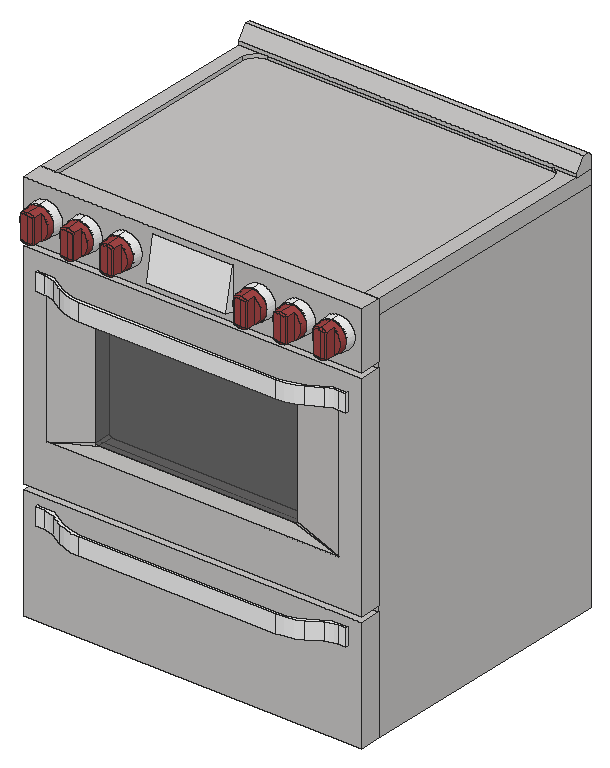
Revit family "Range-Electric", category Specialty Equipment, Revit 2023
Family settings
  Round Connector Dimension = Use Diameter
  Part Type = Normal
  OmniClass Number = 23.40.40.14
  OmniClass Title = Food Service Equipment
  Work Plane-Based = No
  Enable Cutting in Views = No
  Always vertical = Yes
  Cut with Voids When Loaded = No
  Maintain Annotation Orientation = No
  Shared = No
  Room Calculation Point = No
Parameters (values of type "30"")
  Width = 2' - 5 3/4"
  Wall Offset = 0' - 0"
  Voltage = 120 V
  Type Comments = ""
  Trim Finish = Appliance - Chrome
  Show Label = no
  Power Consumption = 500 VA
  Label = "Range"
  Knob = Appliance - Plastic - Red
  Height = 3' - 1"
  Glass = Appliance - Oven Glass
  Description = "Electric Range"
  Depth = 2' - 2 9/16"
  Default Elevation = 0' - 0"
  Center Burner Radius = 0' - 2 1/2"
  Assembly Code = "E1090320"
  Appliance Finish = Appliance - Stainless Steel - Semi-Polished
  Amperage = Power Consumption / Voltage  # 4.16667 A
Types (2): name | Width | Show Label | Power Consumption | Center Burner Radius | Amperage
  30" | 2' - 5 3/4" | no | 500 VA | 0' - 2 1/2" | 4.16667 A
  36" | 2' - 11 3/4" | yes | 1040 VA | 0' - 4" | 8.66667 A
Reference planes (in)
  plane 1 "Back": y = 0
  plane 2: z = 0
  plane 3 "Center (Left/Right)": x = 0
  plane 4 "Left": x = -14.875
  plane 5 "Right": x = 14.875
  plane 6: y = 0
  plane 7 "Edge": y = -26.5625
  plane 8 "Door Back": y = -23.25541
  plane 9 "Top": z = 37
  plane 10 "B.O. Unit": z = 1
  plane 11 "Burner": z = 35.62205
  plane 12: z = 10.90158
  plane 13 "Handle": z = 27.12205
  plane 14 "Door Face": y = -25.14518
  plane 15 "Wheels": y = -1.91191
  plane 16: x = 12.6875
  plane 17 "3": x = -12.8125
  plane 18: x = 7.5875
  plane 19: x = -7.7125
  plane 20: x = -14.875
  plane 21: x = -2.6125
  plane 22: x = 2.4875
  plane 23: x = -11.375
  plane 24: x = -7.83169
  plane 25: x = 11.375
  plane 26: x = 7.83169
  plane 27: x = 4.05625
  plane 28: z = 34.36457
  plane 29: x = -14.875
  plane 30: x = 0
  plane 31: y = -36.5625
  plane 32: x = 0.4
  plane 33: x = 1.2
  plane 34: x = 11.15625
  plane 35 "1": x = -4.3125
  plane 36: x = 4.97917
  plane 37 "2": x = 4.1875
  plane 38: x = -16.125
  plane 39: x = 7.625
  plane 40: x = -0.78125
  plane 41: x = 0.65625
  plane 42: x = 2.5
  plane 43: x = -2.5
  plane 44: z = 9.40158
  plane 45: x = -4.28872
  plane 46: x = 4.28873
  plane 47: x = -3.5
  plane 48: x = 2.20703
  plane 49: x = 3.5
  plane 50: z = 32.86457
  plane 51: x = -1.6875
  plane 52: x = 1.5625
  plane 53: x = -7.25
  plane 54: x = 7.125
  plane 55: y = -13.12771
  plane 56: x = -12.875
  plane 57: x = -9.375
  plane 58: x = -5.875
  plane 59: x = 12.875
  plane 60: x = 9.375
  plane 61: x = 5.875
  plane 62 "4"": z = 15.40158
  plane 63: z = 26.37205
  plane 64: z = 25.37205
  plane 65: z = 16.40158
  plane 66: x = -12.875
  plane 67: x = 12.875
  plane 68: x = 8.875
  plane 69: x = -8.875
  plane 70: z = 30.62205
  plane 71: z = 30.12205
  plane 72: z = 33.12205
  plane 73: z = 27.12205
  plane 74: z = 11.40158
  plane 75: x = -13.625
  plane 76: x = 13.625
  plane 77: y = -1.5
  plane 78 "L1": x = -7.875
  plane 79 "R1": x = 7.875
  plane 80 "H2": y = -7
  plane 81 "H1": y = -19.25541
  plane 82: z = 6
  plane 83: x = 9.875
Forms (in)
  Extrusion 1, solid, material "Appliance - Stainless Steel - Semi-Polished" <- "Appliance Finish"
    sketch origin (0, 0, 0) x (0, 1, 0) y (0, 0, 1)
      loop
        line (-23.25541, 34.36457) -> (-23.25541, 1) -> (0, 1) -> (0, 34.36457) -> (-23.25541, 34.36457)
    from -14.875 to 14.875
  Extrusion 2, void
    sketch origin (0, -25.14518, 0) x (0, 0, 1) y (-1, 0, 0)
      loop
        arc (26.37205, 8.6875) -> (26.31713, 8.82008) -> (26.18455, 8.875) r 0.1875
        line (26.18455, 8.875) -> (16.58908, 8.875)
        arc (16.58908, 8.875) -> (16.45649, 8.82008) -> (16.40158, 8.6875) r 0.1875
        line (16.40158, 8.6875) -> (16.40158, -8.6875)
        arc (16.40158, -8.6875) -> (16.45649, -8.82008) -> (16.58908, -8.875) r 0.1875
        line (16.58908, -8.875) -> (26.18455, -8.875)
        arc (26.18455, -8.875) -> (26.31713, -8.82008) -> (26.37205, -8.6875) r 0.1875
        line (26.37205, -8.6875) -> (26.37205, 8.6875)
    from -1.88976 to -0.3937
  Blend 3, void
    base sketch origin (0, -25.14518, 0) x (0, 0, 1) y (-1, 0, 0)
      loop
        line (27.12205, 12.875) -> (15.40158, 12.875) -> (15.40158, -12.875) -> (27.12205, -12.875) -> (27.12205, 12.875)
    top sketch origin (0, -25.14518, 0) x (0, 0, 1) y (-1, 0, 0)
      loop
        line (26.37205, -8.6875) -> (26.37205, 8.6875)
        arc (26.37205, 8.6875) -> (26.31713, 8.82008) -> (26.18455, 8.875) r 0.1875
        line (26.18455, 8.875) -> (16.58908, 8.875)
        arc (16.58908, 8.875) -> (16.45649, 8.82008) -> (16.40158, 8.6875) r 0.1875
        line (16.40158, 8.6875) -> (16.40158, -8.6875)
        arc (16.40158, -8.6875) -> (16.45649, -8.82008) -> (16.58908, -8.875) r 0.1875
        line (16.58908, -8.875) -> (26.18455, -8.875)
        arc (26.18455, -8.875) -> (26.31713, -8.82008) -> (26.37205, -8.6875) r 0.1875
    from 0 to -0.3937
  Extrusion 4, solid, material "Appliance - Oven Glass" <- "Glass"
    sketch origin (0, -25.14518, 0) x (0, 0, 1) y (-1, 0, 0)
      loop
        line (26.37205, -8.6875) -> (26.37205, 8.6875)
        arc (26.37205, 8.6875) -> (26.31713, 8.82008) -> (26.18455, 8.875) r 0.1875
        line (26.18455, 8.875) -> (16.58908, 8.875)
        arc (16.58908, 8.875) -> (16.45649, 8.82008) -> (16.40158, 8.6875) r 0.1875
        line (16.40158, 8.6875) -> (16.40158, -8.6875)
        arc (16.40158, -8.6875) -> (16.45649, -8.82008) -> (16.58908, -8.875) r 0.1875
        line (16.58908, -8.875) -> (26.18455, -8.875)
        arc (26.18455, -8.875) -> (26.31713, -8.82008) -> (26.37205, -8.6875) r 0.1875
    from -0.3937 to -0.89453
  Extrusion 5, solid, material "Appliance - Chrome" <- "Trim Finish", detail levels medium+fine
    sketch origin (0, 0, 2.07686) x (0, 1, 0) y (0, 0, 1)
      loop
        line (-25.14518, 33.03828) -> (-25.8526, 29.47578) -> (-25.14518, 29.31979) -> (-25.14518, 33.03828)
    from -3.5 to 3.5
  Extrusion 6, solid, material "Appliance - Stainless Steel - Semi-Polished" <- "Appliance Finish"
    sketch origin (-7.25, -14.9102, 48) x (0, 1, 0) y (0, 0, 1)
      loop
        line (-8.34521, -12.37795) -> (-10.23498, -12.37795) -> (-10.23498, -17.37795) -> (-8.34521, -17.37795) -> (-8.34521, -12.37795)
      loop
        line (-8.34521, -17.87795) -> (-10.23498, -17.87795) -> (-10.23498, -36.59842) -> (-8.34521, -36.59842) -> (-8.34521, -17.87795)
      loop
        line (-8.34521, -37.09842) -> (-10.23498, -37.09842) -> (-10.23498, -47) -> (-8.34521, -47) -> (-8.34521, -37.09842)
    from 22.125 to -7.625
  Extrusion 7, solid, material "Appliance - Stainless Steel - Semi-Polished" <- "Appliance Finish"
    sketch origin (0, 0, 31.94929) x (-1, 0, 0) y (0, -1, 0)
      loop
        line (12.875, 0) -> (12.875, 23.25541) -> (11.375, 23.25541) -> (11.375, 0) -> (12.875, 0)
      loop
        line (-11.375, 0) -> (-11.375, 23.25541) -> (-12.6875, 23.25541) -> (-12.6875, 0) -> (-11.375, 0)
    from -31.94929 to -30.94929
  Extrusion 8, solid, material "Appliance - Stainless Steel - Semi-Polished" <- "Appliance Finish"
    sketch origin (-27.625, -180, 34.36457) x (-1, 0, 0) y (0, -1, 0)
      loop
        line (-12.75, -180) -> (-12.75, -156.74459) -> (-14, -156.74459) -> (-14, -177.25)
        arc (-14, -177.25) -> (-14.36612, -178.13388) -> (-15.25, -178.5) r 1.25
        line (-15.25, -178.5) -> (-40.25, -178.5)
        arc (-40.25, -178.5) -> (-40.95711, -178.20711) -> (-41.25, -177.5) r 1
        line (-41.25, -177.5) -> (-41.25, -156.74459) -> (-42.5, -156.74459) -> (-42.5, -180) -> (-12.75, -180)
    from 0 to 1.25748
  Extrusion 9, solid, material "Appliance - Stainless Steel - Semi-Polished" <- "Appliance Finish"
    sketch origin (-7.25, -14.9102, 48) x (0, 1, 0) y (0, 0, 1)
      loop
        line (14.9102, -12.37795) -> (14.9102, -11.25) -> (14.6602, -11) -> (14.15874, -11) -> (13.4102, -12.06902) -> (13.4102, -12.37795) -> (14.9102, -12.37795)
    from -7.625 to 22.125
  Extrusion 10, solid, material "Appliance - Stainless Steel - Semi-Polished" <- "Appliance Finish"
    sketch origin (0, 0, 32.06386) x (-1, 0, 0) y (0, -1, 0)
      loop
        line (13.625, 2.75) -> (13.625, 23.25541) -> (-13.625, 23.25541) -> (-13.625, 2.5)
        arc (-13.625, 2.5) -> (-13.33211, 1.79289) -> (-12.625, 1.5) r 1
        line (-12.625, 1.5) -> (12.375, 1.5)
        arc (12.375, 1.5) -> (13.25888, 1.86612) -> (13.625, 2.75) r 1.25
    from 2.30071 to 3.30071
Cuts and joins
  Extrusion 2, Blend 3 cuts Extrusion 6
Lines and regions (in)
  Split face 1
    outline origin (0, -25.8526, 31.55264) x (0, 0.194773, 0.980848) y (-1, 0, 0)
      loop
        line (3.25792, 2.80339) -> (2.34411, 2.80339) -> (2.34411, 0) -> (3.25792, 0) -> (3.25792, 2.80339)
  Split face 2
    outline origin (0, 0, 35.36457) x (-1, 0, 0) y (0, -1, 0)
      loop
        circle (7.875, 7) r 4
  Split face 3
    outline origin (0, 0, 35.36457) x (-1, 0, 0) y (0, -1, 0)
      loop
        circle (7.875, 19.25541) r 3
  Split face 4
    outline origin (0, 0, 35.36457) x (-1, 0, 0) y (0, -1, 0)
      loop
        circle (-7.875, 7) r 4
  Split face 5
    outline origin (0, 0, 35.36457) x (-1, 0, 0) y (0, -1, 0)
      loop
        circle (-7.875, 19.25541) r 3
  Split face 6
    outline origin (0, 0, 35.36457) x (-1, 0, 0) y (0, -1, 0)
      loop
        circle (0, 13.12771) r 2.5
  Split face 7
    outline origin (0, 0, 1) x (0, 0, 1) y (1, 0, 0)
      loop
        circle (5, 9.875) r 0.25
Dimensions and locks (in)
  equal spacing: plane 4 "Left", plane 3 "Center (Left/Right)", plane 5 "Right"
  "Width": plane 4 "Left" to plane 5 "Right"
  "Depth": plane 6 to plane 7 "Edge"
  "Height": plane 9 "Top" to level
  locked: plane 8 "Door Back" to plane 7 "Edge" at 3.30709
  locked: plane 9 "Top" to plane 11 "Burner" at 1.37795
  locked: plane 7 "Edge" to plane 14 "Door Face" at 1.41732
  plane 6 to plane 15 "Wheels" = 0' - 1.91191"
  locked: plane 16 to plane 5 "Right" at 2.1875
  plane 4 "Left" to plane 17 "3" = 0' - 2 1/16"
  "Width": plane 5 "Right" to plane 20
  equal spacing: plane 17 "3", plane 19, plane 21, plane 22, plane 18, plane 16
  plane 24 to plane 23 to plane 4 "Left" = 0' - 3.54331" locked, 0' - 3 1/2" locked
  plane 5 "Right" to plane 25 to plane 26 = 0' - 3 1/2" locked, 0' - 3.54331" locked
  locked: plane 18 to plane 27 at 3.53125
  locked: plane 9 "Top" to plane 28 at 2.63543
  equal spacing: plane 4 "Left", plane 29, plane 20
  equal spacing: plane 20, plane 30, plane 5 "Right"
  locked: plane 7 "Edge" to plane 31 at 10
  plane 17 "3" to plane 35 "1" to plane 36 to plane 16 = 0' - 8 1/2", 0' - 9.29167", 0' - 7.70833"  (x2)
  plane 23 to plane 24 = 0' - 3.54331"
  locked: plane 20 to plane 38 at 1.25
  plane 34 to plane 39 = 0' - 3 17/32"
  locked: plane 40 to plane 35 "1" at 3.53125
  locked: plane 37 "2" to plane 41 at 3.53125
  equal spacing: plane 17 "3", plane 35 "1", plane 37 "2", plane 16
  locked: plane 29 to plane 17 "3" at 2.0625
  locked: plane 12 to plane 44 at 1.5
  locked: plane 45 to plane 24 at 3.54297
  locked: plane 26 to plane 46 at 3.54297
  locked: plane 3 "Center (Left/Right)" to plane 47 at 3.5
  locked: plane 49 to plane 3 "Center (Left/Right)" at 3.5
  locked: plane 28 to plane 50 at 1.5
  plane 51 to plane 52 = 0' - 3 1/4"
  plane 19 to plane 53 to plane 47 = 0' - 0.4625", 0' - 3 3/4"
  locked: plane 17 "3" to plane 51 at 11.125
  locked: plane 52 to plane 16 at 11.125
  locked: plane 17 "3" to plane 53 at 5.5625
  locked: plane 54 to plane 16 at 5.5625
  plane 55 to plane 8 "Door Back" = 0' - 10.12771"
  plane 8 "Door Back" to plane 7 "Edge" = 0' - 3.30709"
  locked: plane 56 to plane 29 at 2
  locked: plane 57 to plane 56 at 3.5
  locked: plane 58 to plane 57 at 3.5
  locked: plane 5 "Right" to plane 59 at 2
  locked: plane 59 to plane 60 at 3.5
  locked: plane 60 to plane 61 at 3.5
  locked: plane 13 "Handle" to plane 63 at 0.75
  locked: plane 63 to plane 64 at 1
  locked: plane 65 to plane 62 "4"" at 1
  locked: plane 66 to plane 29 at 2
  locked: plane 5 "Right" to plane 67 at 2
  locked: plane 67 to plane 68 at 4
  locked: plane 69 to plane 66 at 4
  locked: plane 11 "Burner" to plane 70 at 5
  locked: plane 70 to plane 71 at 0.5
  equal spacing: plane 11 "Burner", plane 72, plane 70
  plane 71 to plane 73 = 0' - 3"
  locked: plane 62 "4"" to plane 74 at 4
  locked: plane 10 "B.O. Unit" to plane 2 at 1
  locked: plane 29 to plane 75 at 1.25
  locked: plane 76 to plane 5 "Right" at 1.25
  locked: plane 6 to plane 77 at 1.5
  locked: Extrusion 10 to plane 28 at 1
  locked: plane 29 to plane 78 "L1" at 7
  locked: plane 79 "R1" to plane 5 "Right" at 7
  locked: plane 6 to plane 80 "H2" at 7
  locked: plane 81 "H1" to plane 8 "Door Back" at 4
  locked: plane 74 to plane 12 at 0.5
  locked: plane 10 "B.O. Unit" to plane 82 at 5
  locked: plane 5 "Right" to plane 83 at 5
  equal spacing: plane 80 "H2", plane 55, plane 81 "H1"
  "Wall Offset": plane 6 to plane 1 "Back"
  radius of Extrusion 8 sketch curve = 0' - 1 1/4"
  radius of Extrusion 8 sketch curve = 0' - 1"
  radius of Split face 2 sketch curve = 0' - 4"
  radius of Split face 3 sketch curve = 0' - 3"
  radius of Split face 4 sketch curve = 0' - 4"
  radius of Split face 5 sketch curve = 0' - 3"
  "Center Burner Radius": radius of Split face 6 sketch curve
  radius of Split face 7 sketch curve = 0' - 0 1/4"
  aligned and locked: plane 2 to level
  aligned and locked: plane 5 "Right" to Extrusion 1
  aligned and locked: Extrusion 1 to plane 4 "Left"
  aligned and locked: Extrusion 1 sketch curve to plane 10 "B.O. Unit"
  aligned and locked: Extrusion 1 sketch curve to plane 6
  aligned and locked: plane 14 "Door Face" to nested 2
  aligned and locked: plane 8 "Door Back" to Extrusion 2
  aligned and locked: plane 14 "Door Face" to nested 3
  aligned and locked: plane 14 "Door Face" to nested 4
  aligned and locked: plane 14 "Door Face" to nested 5
  aligned and locked: plane 14 "Door Face" to nested 6
  aligned and locked: nested 1 to plane 31
  aligned and locked: plane 3 "Center (Left/Right)" to nested 2
  aligned and locked: plane 3 "Center (Left/Right)" to nested 1
  aligned and locked: plane 44 to nested 7
  aligned and locked: plane 47 to Extrusion 5
  aligned and locked: Extrusion 5 to plane 49
  aligned and locked: plane 14 "Door Face" to nested 8
  aligned and locked: plane 14 "Door Face" to nested 9
  aligned and locked: plane 14 "Door Face" to nested 7
  aligned and locked: nested 5 to plane 56
  aligned and locked: nested 4 to plane 57
  aligned and locked: nested 8 to plane 58
  aligned and locked: nested 6 to plane 59
  aligned and locked: nested 3 to plane 60
  aligned and locked: nested 9 to plane 61
  aligned and locked: plane 62 "4"" to Blend 3 sketch curve
  aligned and locked: Blend 3 sketch curve to plane 67
  aligned and locked: Blend 3 sketch curve to plane 69
  aligned and locked: Blend 3 sketch curve to plane 68
  aligned and locked: plane 65 to Blend 3 sketch curve
  aligned and locked: Extrusion 4 sketch curve to plane 69
  aligned and locked: Extrusion 4 sketch curve to plane 68
  aligned and locked: plane 65 to Extrusion 4 sketch curve
  aligned and locked: Extrusion 2 sketch curve to plane 65
  aligned and locked: Extrusion 2 sketch curve to plane 69
  aligned and locked: Extrusion 2 sketch curve to plane 68
  aligned and locked: plane 8 "Door Back" to Extrusion 1 sketch curve
  aligned and locked: plane 72 to nested 5
  aligned and locked: plane 72 to nested 4
  aligned and locked: plane 72 to nested 8
  aligned and locked: plane 72 to nested 9
  aligned and locked: plane 72 to nested 3
  aligned and locked: plane 72 to nested 6
  aligned and locked: nested 2 to plane 73
  aligned and locked: plane 13 "Handle" to plane 73
  aligned and locked: Extrusion 6 sketch curve to plane 14 "Door Face"  (x3)
  aligned and locked: plane 10 "B.O. Unit" to Extrusion 6 sketch curve
  aligned and locked: Extrusion 6 sketch curve to plane 8 "Door Back"  (x3)
  aligned and locked: Extrusion 6 sketch curve to plane 12
  aligned and locked: Extrusion 6 sketch curve to plane 71
  aligned and locked: plane 70 to Extrusion 6 sketch curve
  aligned and locked: Extrusion 6 sketch curve to plane 11 "Burner"
  aligned and locked: Extrusion 6 to plane 29
  aligned and locked: plane 5 "Right" to Extrusion 6
  aligned and locked: plane 74 to Extrusion 6 sketch curve
  aligned and locked: Blend 3 sketch curve to plane 73
  aligned and locked: Blend 3 sketch curve to plane 63
  aligned and locked: Extrusion 4 sketch curve to plane 63
  aligned and locked: Extrusion 2 sketch curve to plane 63
  aligned and locked: plane 66 to Extrusion 7 sketch curve
  aligned and locked: plane 23 to Extrusion 7 sketch curve
  aligned and locked: plane 6 to Extrusion 7 sketch curve  (x2)
  aligned and locked: plane 8 "Door Back" to Extrusion 7 sketch curve  (x2)
  aligned and locked: plane 25 to Extrusion 7 sketch curve
  aligned and locked: plane 10 "B.O. Unit" to Extrusion 7
  aligned and locked: Extrusion 7 to plane 2
  aligned and locked: plane 28 to Extrusion 1 sketch curve
  aligned and locked: Extrusion 8 sketch curve to plane 29
  aligned and locked: Extrusion 8 sketch curve to plane 6
  aligned and locked: Extrusion 8 sketch curve to plane 5 "Right"
  aligned and locked: plane 75 to Extrusion 8 sketch curve
  aligned and locked: plane 76 to Extrusion 8 sketch curve
  aligned and locked: Extrusion 8 sketch curve to plane 77
  aligned and locked: Extrusion 8 sketch curve to plane 8 "Door Back"  (x2)
  aligned and locked: plane 11 "Burner" to Extrusion 8
  aligned and locked: Extrusion 8 to plane 28
  aligned and locked: plane 6 to Extrusion 9 sketch curve
  aligned and locked: plane 77 to Extrusion 9 sketch curve
  aligned and locked: plane 11 "Burner" to Extrusion 9 sketch curve
  aligned and locked: Extrusion 9 to plane 29
  aligned and locked: plane 5 "Right" to Extrusion 9
  aligned and locked: plane 75 to Extrusion 10 sketch curve
  aligned and locked: plane 77 to Extrusion 10 sketch curve
  aligned and locked: plane 76 to Extrusion 10 sketch curve
  aligned and locked: plane 8 "Door Back" to Extrusion 10 sketch curve
  aligned and locked: Extrusion 10 to plane 28
  aligned and locked: plane 78 "L1" to Split face 2 sketch curve
  aligned and locked: plane 80 "H2" to Split face 2 sketch curve
  aligned and locked: plane 78 "L1" to Split face 3 sketch curve
  aligned and locked: plane 81 "H1" to Split face 3 sketch curve
  aligned and locked: plane 79 "R1" to Split face 4 sketch curve
  aligned and locked: plane 80 "H2" to Split face 4 sketch curve
  aligned and locked: plane 79 "R1" to Split face 5 sketch curve
  aligned and locked: plane 81 "H1" to Split face 5 sketch curve
  aligned and locked: plane 3 "Center (Left/Right)" to Split face 6 sketch curve
  aligned and locked: plane 55 to Split face 6 sketch curve
  aligned and locked: plane 82 to Split face 7 sketch curve
  aligned and locked: plane 83 to Split face 7 sketch curve
  aligned and locked: plane 9 "Top" to Extrusion 9 sketch curve
Automatic sketch dimensions
  Extrusion 2 sketch curve to Extrusion 2 sketch curve = 0' - 0 3/16"  (x2)
  Blend 3 sketch curve to plane 24 = 0' - 0.85581"
  Blend 3 sketch curve to Blend 3 sketch curve = 0' - 0 3/16"  (x2)
  plane 13 "Handle" to Blend 3 sketch curve = 0' - 0 15/16"
  Extrusion 4 sketch curve to plane 24 = 0' - 0.85581"
  Extrusion 4 sketch curve to Extrusion 4 sketch curve = 0' - 0 3/16"  (x2)
  plane 13 "Handle" to Extrusion 4 sketch curve = 0' - 0 15/16"
  Extrusion 5 sketch curve to plane 14 "Door Face" = 0' - 0"
  plane 14 "Door Face" to Extrusion 5 sketch curve = 0' - 0.70743"
  Extrusion 5 to Split face 1 sketch curve = 0' - 1.28795"
  Extrusion 5 to Split face 1 sketch curve = 0' - 0.37414"
  Split face 1 sketch curve to Extrusion 5 = 0' - 3 1/2"
  Split face 1 sketch curve to Extrusion 5 = 0' - 0.69661"
  plane 56 to Blend 3 sketch curve = 0' - 0"
  plane 64 to Extrusion 2 sketch curve = 0' - 0 13/16"
  plane 65 to Extrusion 2 sketch curve = 0' - 0 3/16"
  plane 71 to Extrusion 5 sketch curve = 0' - 1.4306"
  Extrusion 5 sketch curve to Extrusion 5 sketch curve = 0' - 0.15599"
  Extrusion 5 sketch curve to plane 50 = 0' - 2.25057"
  Extrusion 7 sketch curve to plane 16 = 0' - 0"
  Extrusion 10 sketch curve to plane 16 = 0' - 0 1/16"
  plane 17 "3" to Extrusion 10 sketch curve = 0' - 0 7/16"
  Extrusion 9 sketch curve to Extrusion 9 sketch curve = 0' - 0.30893"
  Extrusion 9 sketch curve to plane 77 = 0' - 0.74854"
  Extrusion 9 sketch curve to plane 6 = 0' - 0 1/4"
  Extrusion 9 sketch curve to plane 9 "Top" = 0' - 0 1/4"
Nested families (in)
  nested 1: "Label Annotation 3-32" at (0, -36.5625, 0), visible <- "Show Label", type "Label Annotation 3-32"
  nested 2: "Handle" at (0, -25.14518, 27.87205), Unit Width <- "Width", Finish <- "Trim Finish", type "Handle", detail levels medium+fine
    with Unit Width 2' - 5 3/4", Finish Appliance - Chrome
  nested 3: "Knob" at (9.375, -25.14518, 33.12205), type "Knob", detail levels medium+fine
  nested 4: "Knob" at (-9.375, -25.14518, 33.12205), type "Knob", detail levels medium+fine
  nested 5: "Knob" at (-12.875, -25.14518, 33.12205), type "Knob", detail levels medium+fine
  nested 6: "Knob" at (12.875, -25.14518, 33.12205), type "Knob", detail levels medium+fine
  nested 7: "Handle" at (0, -25.14518, 9.40158), Unit Width <- "Width", Finish <- "Trim Finish", type "Handle", detail levels medium+fine
    with Unit Width 2' - 5 3/4", Finish Appliance - Chrome
  nested 8: "Knob" at (-5.875, -25.14518, 33.12205), type "Knob", detail levels medium+fine
  nested 9: "Knob" at (5.875, -25.14518, 33.12205), type "Knob", detail levels medium+fine
Connectors (in)
  electrical at (9.875, 0, 6), driven by "Voltage", driven by "Power Consumption"
    settings: on Extrusion 1, index 1, voltage 120 V, apparent load 500 VA, apparent load phase1 0 VA, apparent load phase2 0 VA, apparent load phase3 0 VA, power factor 1, load classification "Appliance", number of poles 1, system type 30, power factor state 1, is connector primary yes, connector utility no, sub classification motor no, connector description "Range Power"
Definition of nested family "Handle"
  Parameters (values of type "Handle")
    Unit Width [instance] = 3' - 0"
    Handle Offset B = 0' - 1 1/4"
    Handle Offset A = 0' - 1 1/4"
    Finish [instance] = none
    Default Elevation = 0' - 0"
  Reference planes (in)
    plane 1 "Center (Front/Back)": y = 0
    plane 2: z = 0
    plane 3 "Center (Left/Right)": x = 0
    plane 4 "Surface A": x = -18
    plane 5 "Surface B": x = 18
    plane 6 "Handle A": x = -16.75
    plane 7 "Handle B": x = 16.75
    plane 8: z = 0.75
    plane 9: z = -0.75
  Forms (in)
    Extrusion 1, solid, material <- "Finish", detail levels medium+fine
      sketch origin (-0.125, 25.14518, -10.34842) x (-1, 0, 0) y (0, -1, 0)
        loop
          line (11.66656, 26.89518) -> (-11.91656, 26.89518)
          arc (-11.91656, 26.89518) -> (-13.01654, 26.75036) -> (-14.04156, 26.32579) r 4.25
          line (-14.04156, 26.32579) -> (-15.18932, 25.66313)
          arc (-15.18932, 25.66313) -> (-15.67168, 25.46333) -> (-16.18932, 25.39518) r 2
          line (-16.18932, 25.39518) -> (-16.875, 25.39518) -> (-16.875, 25.14518) -> (-15.58643, 25.14518) -> (-13.91656, 26.10928)
          arc (-13.91656, 26.10928) -> (-12.95184, 26.50888) -> (-11.91656, 26.64518) r 4
          line (-11.91656, 26.64518) -> (11.66656, 26.64518)
          arc (11.66656, 26.64518) -> (12.70184, 26.50888) -> (13.66656, 26.10928) r 4
          line (13.66656, 26.10928) -> (15.33643, 25.14518) -> (16.625, 25.14518) -> (16.625, 25.39518) -> (15.93932, 25.39518)
          arc (15.93932, 25.39518) -> (15.42168, 25.46333) -> (14.93932, 25.66313) r 2
          line (14.93932, 25.66313) -> (13.79156, 26.32579)
          arc (13.79156, 26.32579) -> (12.76654, 26.75036) -> (11.66656, 26.89518) r 4.25
      from 9.59842 to 11.09842
  Dimensions and locks (in)
    "Unit Width": plane 5 "Surface B" to plane 4 "Surface A"
    equal spacing: plane 5 "Surface B", plane 3 "Center (Left/Right)", plane 4 "Surface A"
    "Handle Offset A": plane 6 "Handle A" to plane 4 "Surface A"
    "Handle Offset B": plane 5 "Surface B" to plane 7 "Handle B"
    equal spacing: plane 8, plane 2, plane 9
    locked: plane 8 to plane 9 at 1.5
    aligned and locked: level to plane 2
    aligned and locked: Extrusion 1 sketch curve to plane 6 "Handle A"
    aligned and locked: plane 1 "Center (Front/Back)" to Extrusion 1 sketch curve
    aligned and locked: Extrusion 1 sketch curve to plane 7 "Handle B"
    aligned and locked: Extrusion 1 sketch curve to plane 1 "Center (Front/Back)"
    aligned and locked: plane 8 to Extrusion 1
    aligned and locked: Extrusion 1 to plane 9
  Automatic sketch dimensions
    Extrusion 1 sketch curve to Extrusion 1 sketch curve = 0' - 0"  (x5)
    Extrusion 1 sketch curve to Extrusion 1 sketch curve = 0' - 0.68568"  (x2)
    Extrusion 1 sketch curve to Extrusion 1 sketch curve = 0' - 0.60289"
    Extrusion 1 sketch curve to Extrusion 1 sketch curve = 0' - 0.39711"  (x2)
    Extrusion 1 sketch curve to Extrusion 1 sketch curve = 0' - 1.14776"  (x2)
    Extrusion 1 sketch curve to Extrusion 1 sketch curve = 0' - 2"  (x2)
    Extrusion 1 sketch curve to Extrusion 1 sketch curve = 0' - 1"
    Extrusion 1 sketch curve to Extrusion 1 sketch curve = 0' - 1.18061"
    Extrusion 1 sketch curve to Extrusion 1 sketch curve = 0' - 0 1/4"  (x2)
    Extrusion 1 sketch curve to Extrusion 1 sketch curve = 0' - 0.51795"
    Extrusion 1 sketch curve to Extrusion 1 sketch curve = 0' - 0 1/8"
    Extrusion 1 sketch curve to Extrusion 1 sketch curve = 0' - 2 1/8"
    Extrusion 1 sketch curve to plane 1 "Center (Front/Back)" = 0' - 2 1/2"  (x2)
    plane 1 "Center (Front/Back)" to Extrusion 1 sketch curve = 0' - 0.51795"
    Extrusion 1 sketch curve to Extrusion 1 sketch curve = 0' - 0.21651"
Definition of nested family "Knob"
  Parameters
    Material = none
    Default Elevation = 0' - 0"
    Bezel Material = none
  Reference planes (in)
    plane 1 "Center (Front/Back)": y = 0
    plane 2: z = 0
    plane 3 "Center (Left/Right)": x = 0
    plane 4: y = -1.37795
    plane 5: y = -2.16535
  Forms (in)
    Revolve 1, solid, material <- "Material"
      sketch origin (0, 0, 0) x (0, 1, 0) y (0, 0, 1)
        loop
          line (0, 1.37795) -> (-0.7874, 1.29921) -> (-0.7874, 1.25984) -> (-2.07428, 1.22307)
          arc (-2.07428, 1.22307) -> (-2.13884, 1.1947) -> (-2.16535, 1.12936) r 0.09375
          line (-2.16535, 1.12936) -> (-2.16535, 0) -> (0, 0) -> (0, 1.37795)
        axis (0, 0) -> (-2.16535, 0)
      angle from 0 to 360
    Extrusion 2, void
      sketch origin (0, 0, 0) x (1, 0, 0) y (0, 1, 0)
        loop
          line (1.24297, -1.37795) -> (0.59055, -1.37795) -> (0.59055, -2.0716)
          arc (0.59055, -2.0716) -> (0.56309, -2.1379) -> (0.4968, -2.16535) r 0.09375
          line (0.4968, -2.16535) -> (1.24297, -2.16535) -> (1.24297, -1.37795)
        loop
          line (-1.24297, -1.37795) -> (-1.24297, -2.16535) -> (-0.4968, -2.16535)
          arc (-0.4968, -2.16535) -> (-0.56309, -2.1379) -> (-0.59055, -2.0716) r 0.09375
          line (-0.59055, -2.0716) -> (-0.59055, -1.37795) -> (-1.24297, -1.37795)
      from -1.36823 to 1.44523
  Cuts and joins
    Extrusion 2 cuts Revolve 1
  Dimensions and locks (in)
    plane 5 to plane 4 to plane 1 "Center (Front/Back)" = 0' - 0.7874" locked, 0' - 1.37795" locked
    aligned and locked: plane 2 to level
    aligned and locked: Revolve 1 sketch curve to level
    aligned and locked: plane 4 to Extrusion 2 sketch curve
    aligned and locked: Extrusion 2 sketch curve to plane 5
Definition of nested family "Label Annotation 3-32"
  Parameters
    Label = "Freezer 36 LH"
  Reference planes (in)
    plane 1: y = 0
    plane 2: x = 0
  Text (in)
    label "Label" at (0.00375, -0.00345, 0), shows "Label"
